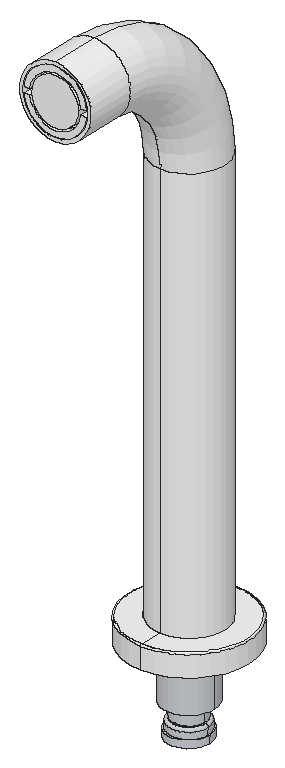
Revit family "Reece_Tap_Sussex_Scala_Curved_Wall Bath Outlet_32 mm", category Plumbing Fixtures, host Face, Revit 2018
Family settings
  Host = Face
  Round Connector Dimension = Use Diameter
  Part Type = Normal
  Cut with Voids When Loaded = No
  Shared = Yes
  Room Calculation Point = Yes
Parameters (values of type "250 mm_Chrome")
  URL = "https://www.reece.com.au/product/-225903"
  Type Comments = "Tap"
  Reece_Product_Web Page = "https://www.reece.com.au/product/-225903"
  Reece_Product_Type = "Tap"  # constant formula
  Reece_Product_Sub Brand = "Scala"  # constant formula
  Reece_Product_Number = "225903"
  Reece_Product_Mount = "Wall Mounted"
  Reece_Product_Description = "Sussex Scala 32mm Curved Wall Bath Outlet 250mm Chrome"
  WFU = 0  # constant formula
  Reece_Tap_Reach = 250 mm
  Reece_Tap_Inlet = 12 mm  # constant formula
  Reece_Tap_Clearance = 75 mm  # constant formula
  Reece_Product_Brand = "Sussex"  # constant formula
  Reece_Overall_Length = Reece_Tap_Reach + 16 mm  # 266 mm
  Reece_Overall_Diameter = 54 mm  # constant formula
  Reece_Material_Main = Reece_Brass_Chrome
  Reece_Detail_Shape = "Curved"  # constant formula
  Reece_Detail_Disclaimer = "THIS FILE IS THE PROPERTY OF THE REECE GROUP. IT MAY NOT BE REPRODUCED, REVERSE-ENGINEERED OR MODIFIED. ANY REPUBLICATION, TRANSMISSION OR DISTRIBUTION FOR THE PURPOSE OF COMMERCIALLY EXPLOITING THE FILES IS PROHIBITED."  # constant formula
  Reece_Detail_Additional = "Wall Bath Outlet"  # constant formula
  Reece_Backplate_Thickness = 5 mm  # constant formula
  Model = "Scala"
  Manufacturer = "Sussex"
  Keynote = "Product #225903, Reece_Tap_Sussex_Scala_Curved_Wall Bath Outlet_32 mm - 250 mm_Chrome"
  HWFU = 0  # constant formula
  Disclaimer = "THIS FILE IS THE PROPERTY OF THE REECE GROUP. IT MAY NOT BE REPRODUCED, REVERSE-ENGINEERED OR MODIFIED. ANY REPUBLICATION, TRANSMISSION OR DISTRIBUTION FOR THE PURPOSE OF COMMERCIALLY EXPLOITING THE FILES IS PROHIBITED."  # constant formula
  Description = "Scala 32mm Curved Wall Bath Outlet 250mm Chrome"
  Default Elevation = 1000 mm
  CWFU = 0  # constant formula
Types (11, lengths in mm): name | URL | Reece_Product_Web Page | Reece_Product_Number | Reece_Product_Description | Reece_Tap_Reach | Reece_Overall_Length | Reece_Material_Main | Keynote | Description
  160 mm_Chrome | "https://www.reece.com.au/product/-2263086" | "https://www.reece.com.au/product/-2263086" | "2263086" | "Sussex Scala 32mm Curved Wall Bath Outlet 160mm Chrome" | 160 | 176 | Reece_Brass_Chrome | "Product #2263086, Reece_Tap_Sussex_Scala_Curved_Wall Bath Outlet_32 mm - 160 mm_Chrome" | "Scala 32mm Curved Wall Bath Outlet 160mm Chrome"
  160 mm_PVD Brushed Platinum Gold | "https://www.reece.com.au/product/-2268332" | "https://www.reece.com.au/product/-2268332" | "2268332" | "Sussex Scala 32mm Curved Wall Bath Outlet 160mm LUX PVD Brushed Platinum Gold" | 160 | 176 | Reece_PVD_Brushed_Platinum Gold | "Product #2268332, Reece_Tap_Sussex_Scala_Curved_Wall Bath Outlet_32 mm - 160 mm_PVD Brushed Platinum Gold" | "Scala 32mm Curved Wall Bath Outlet 160mm LUX PVD Brushed Platinum Gold"
  250 mm_Chrome | "https://www.reece.com.au/product/-225903" | "https://www.reece.com.au/product/-225903" | "225903" | "Sussex Scala 32mm Curved Wall Bath Outlet 250mm Chrome" | 250 | 266 | Reece_Brass_Chrome | "Product #225903, Reece_Tap_Sussex_Scala_Curved_Wall Bath Outlet_32 mm - 250 mm_Chrome" | "Scala 32mm Curved Wall Bath Outlet 250mm Chrome"
  250 mm_PVD Brushed Platinum Gold | "https://www.reece.com.au/product/-2268334" | "https://www.reece.com.au/product/-2268334" | "2268334" | "Sussex Scala 32mm Curved Wall Bath Outlet 250mm LUX PVD Brushed Platinum Gold" | 250 | 266 | Reece_PVD_Brushed_Platinum Gold | "Product #2268334, Reece_Tap_Sussex_Scala_Curved_Wall Bath Outlet_32 mm - 250 mm_PVD Brushed Platinum Gold" | "Scala 32mm Curved Wall Bath Outlet 250mm LUX PVD Brushed Platinum Gold"
  200 mm_Chrome | "https://www.reece.com.au/product/-225902" | "https://www.reece.com.au/product/-225902" | "225902" | "Sussex Scala 32mm Curved Wall Bath Outlet 200mm Chrome" | 200 | 216 | Reece_Brass_Chrome | "Product #225902, Reece_Tap_Sussex_Scala_Curved_Wall Bath Outlet_32 mm - 200 mm_Chrome" | "Scala 32mm Curved Wall Bath Outlet 200mm Chrome"
  200 mm_PVD Brushed Platinum Gold | "https://www.reece.com.au/product/-2268333" | "https://www.reece.com.au/product/-2268333" | "2268333" | "Sussex Scala 32mm Curved Wall Bath Outlet 200mm LUX PVD Brushed Platinum Gold" | 200 | 216 | Reece_PVD_Brushed_Platinum Gold | "Product #2268333, Reece_Tap_Sussex_Scala_Curved_Wall Bath Outlet_32 mm - 200 mm_PVD Brushed Platinum Gold" | "Scala 32mm Curved Wall Bath Outlet 200mm LUX PVD Brushed Platinum Gold"
  160 mm_Satin Chrome | "https://www.reece.com.au/product/-2263087" | "https://www.reece.com.au/product/-2263087" | "2263087" | "Sussex Scala 32mm Curved Wall Bath Outlet 160mm Satin Chrome" | 160 | 176 | Reece_Metal_Chrome_Satin | "Product #2263087, Reece_Tap_Sussex_Scala_Curved_Wall Bath Outlet_32 mm - 160 mm_Satin Chrome" | "Scala 32mm Curved Wall Bath Outlet 160mm Satin Chrome"
  200 mm_Living Tumbled Brass | "https://www.reece.com.au/product/-2268103" | "https://www.reece.com.au/product/-2268103" | "2268103" | "Sussex Scala 32mm Curved Wall Bath Outlet 200mm Living Tumbled Brass" | 200 | 216 | Reece_Brass_Living Tumbled | "Product #2268103, Reece_Tap_Sussex_Scala_Curved_Wall Bath Outlet_32 mm - 200 mm_Living Tumbled Brass" | "Scala 32mm Curved Wall Bath Outlet 200mm Living Tumbled Brass"
  200 mm_Matte Black | "https://www.reece.com.au/product/-2220180" | "https://www.reece.com.au/product/-2220180" | "2220180" | "Sussex Scala 32mm Curved Wall Bath Outlet 200mm Matte Black" | 200 | 216 | Reece_Brass_Matte Black | "Product #2220180, Reece_Tap_Sussex_Scala_Curved_Wall Bath Outlet_32 mm - 200 mm_Matte Black" | "Scala 32mm Curved Wall Bath Outlet 200mm Matte Black"
  200 mm_Satin Chrome | "https://www.reece.com.au/product/-225904" | "https://www.reece.com.au/product/-225904" | "225904" | "Sussex Scala 32mm Curved Wall Bath Outlet 200mm Satin Chrome" | 200 | 216 | Reece_Metal_Chrome_Satin | "Product #225904, Reece_Tap_Sussex_Scala_Curved_Wall Bath Outlet_32 mm - 200 mm_Satin Chrome" | "Scala 32mm Curved Wall Bath Outlet 200mm Satin Chrome"
  250 mm_Satin Chrome | "https://www.reece.com.au/product/-225905" | "https://www.reece.com.au/product/-225905" | "225905" | "Sussex Scala 32mm Curved Wall Bath Outlet 250mm Satin Chrome" | 250 | 266 | Reece_Brass_Satin Chrome | "Product #225905, Reece_Tap_Sussex_Scala_Curved_Wall Bath Outlet_32 mm - 250 mm_Satin Chrome" | "Scala 32mm Curved Wall Bath Outlet 250mm Satin Chrome"
Reference planes
  plane 1 "Center (Front/Back)": y = 0
  plane 2: z = 0
  plane 3 "Center (Left/Right)": x = 0
  plane 4: z = 250
  plane 5: y = -75
  plane 6: z = 266
  plane 7: x = -16
  plane 8: x = 16
  plane 9: x = -27
  plane 10: x = 27
Forms (mm)
  Revolve 1, void
    sketch origin (100, 0, 0) x (1, 0, 0) y (0, 0, 1)
      loop
        line (-100, 0) -> (-100, -49.36) -> (-85, -49.36) -> (-85, 0) -> (-100, 0)
      axis (-100, 0) -> (-100, -49.36)
    angle from 0 to 360
  Revolve 2, solid
    sketch origin (128.901, 0, 1219.2) x (1, 0, 0) y (0, 0, 1)
      loop
        line (-130.291, -1261.136) -> (-128.901, -1261.136) -> (-128.901, -1219.2) -> (-140.374, -1219.2) -> (-140.374, -1242.939) -> (-136.181, -1242.939) -> (-136.181, -1249.636) -> (-135.615, -1250.202) -> (-136.415, -1250.202)
        arc (-136.415, -1250.202) -> (-137.255, -1250.55) -> (-137.603, -1251.39) r 1.188
        line (-137.603, -1251.39) -> (-137.603, -1254.152) -> (-138.403, -1254.152) -> (-138.403, -1257.398) -> (-132.464, -1257.398) -> (-130.291, -1261.136)
      axis (-128.901, -1219.2) -> (-128.901, -1261.136)
    angle from 0 to 360
Text (mm)
  text "Reece Copyright © 2018, Reece Ltd." at (-447.115, -312.314, 0), in view "Ref. Level"
  text "Reece ©" at (-7.653, 198.338, 183.77), in view "Reece Preview"
Dimensions and locks
  "Reece_Tap_Reach": plane 4 to host face
  "Reece_Overall_Length": plane 6 to plane 2
  "Reece_Tap_Clearance": plane 1 "Center (Front/Back)" to plane 5
  plane 7 to plane 8 = 32 mm
  "Reece_Overall_Diameter": plane 9 to plane 10
  aligned and locked: host face to plane 2
  aligned and locked: level to host face
  aligned and locked: plane 3 "Center (Left/Right)" to nested 1
  aligned and locked: nested 1 to plane 1 "Center (Front/Back)"
Automatic sketch dimensions
  host sketch curve to host sketch curve = 481.758 mm
  host sketch curve to host sketch curve = 479.681 mm
  Revolve 1 sketch curve to level = 0 mm
  Revolve 1 sketch curve to plane 3 "Center (Left/Right)" = 0 mm
  plane 3 "Center (Left/Right)" to Revolve 1 sketch curve = 0 mm
  Revolve 1 sketch curve to plane 8 = 1 mm
  Revolve 1 sketch curve to Revolve 1 sketch curve = 49.36 mm
  Revolve 1 sketch curve to Revolve 1 sketch curve = 14.36 mm
  Revolve 1 sketch curve to Revolve 1 sketch curve = 40 mm
  Revolve 2 sketch curve to level = 0 mm
  Revolve 2 sketch curve to plane 3 "Center (Left/Right)" = 0 mm
  plane 3 "Center (Left/Right)" to Revolve 2 sketch curve = 0 mm
  Revolve 2 sketch curve to plane 3 "Center (Left/Right)" = 1.39 mm
  Revolve 2 sketch curve to plane 3 "Center (Left/Right)" = 3.563 mm
  Revolve 2 sketch curve to plane 3 "Center (Left/Right)" = 6.714 mm
  Revolve 2 sketch curve to Revolve 2 sketch curve = 0.566 mm  (x2)
  Revolve 2 sketch curve to Revolve 2 sketch curve = 0.8 mm  (x2)
  Revolve 2 sketch curve to Revolve 2 sketch curve = 1.188 mm
  Revolve 2 sketch curve to Revolve 2 sketch curve = 4.194 mm
  Revolve 2 sketch curve to level = 23.739 mm
  Revolve 2 sketch curve to Revolve 2 sketch curve = 6.697 mm
  Revolve 2 sketch curve to Revolve 2 sketch curve = 2.762 mm
  Revolve 2 sketch curve to Revolve 2 sketch curve = 3.246 mm
  Revolve 2 sketch curve to Revolve 2 sketch curve = 3.739 mm
  Revolve 2 sketch curve to Revolve 2 sketch curve = 0.681 mm
  level to Revolve 2 sketch curve = 8.93 mm
Nested families
  nested 1: "Reece_Tap_Sussex_Scala_Curved_32 mm_Nested" at (0, 0, 0), Reece_Backplate_Thickness <- "Reece_Backplate_Thickness", Reece_Tap_Clearance <- "Reece_Tap_Clearance", Reece_Tap_Reach <- "Reece_Tap_Reach", Reece_Material_Main <- "Reece_Material_Main", type "Reece_Tap_Sussex_Scala_Curved_32 mm_Nested"
    with Reece_Tap_Reach 250 mm, Reece_Tap_Clearance 75 mm, Reece_Overall_Length 262.5 mm, Reece_Material_Main Reece_Brass_Chrome, Reece_Backplate_Thickness 5 mm
Connectors
  piping at (0, 0, -38.198), diameter 12, driven by "Reece_Tap_Inlet"
    settings: on Revolve 2, index 1, connector inside diameter 609.6 mm, connector length 0 mm, flow factor 0, pipe flow 0.0 L/s, pressure drop 0.0 Pa, fitting loss kfactor 0, connector angle 0.00°, fixture units 0, engagement length 0 mm, angle of deflection 0.00°, flow configuration 0, flow direction 1, fitting loss method 0, system type 29, joint type 0, gender type 0, connector reference index -1, connector utility 0, adjustable connector no, is connector primary yes, connector description ""
Definition of nested family "Reece_Tap_Sussex_Scala_Curved_32 mm_Nested"
  Parameters (values of type "Reece_Tap_Sussex_Scala_Curved_32 mm_Nested")
    Waste Connection = no
    WFU = 0
    Vent Connection = no
    URL = ""
    Type Comments = ""
    Reece_Tap_Reach [instance] = 200 mm
    Reece_Tap_Clearance [instance] = 67 mm
    Reece_Overall_Length [instance] = Reece_Tap_Reach + 12.5 mm  # 212.5 mm
    Reece_Material_Main [instance] = none
    Reece_Backplate_Thickness [instance] = 5 mm
    Model = ""
    Manufacturer = ""
    Keynote = ""
    HWFU = 0
    HW Connection = no
    Description = ""
    Default Elevation = 0 mm
    Cost = 0
    CWFU = 0
    CW Connection = no
    Assembly Code = ""
  Reference planes
    plane 1 "Center (Front/Back)": y = 0
    plane 2 "Bottom": z = 0
    plane 3 "Center (Left/Right)": x = 0
    plane 4: z = 200
    plane 5: y = -67
    plane 6: z = 212.5
    plane 7: x = 100
    plane 8: x = -100
    plane 9: z = 43
    plane 10: x = -73
    plane 11: x = -127
    plane 12: x = -27
    plane 13: x = 27
    plane 14: x = -12.5
    plane 15: x = 12.5
    plane 16: y = 0
    plane 17: z = 5
  Forms (mm)
    Extrusion 1, solid
      sketch origin (609.2, -664.2, 0) x (1, 0, 0) y (0, 1, 0)
        loop
          line (-797.73, 779.2) -> (-797.73, 509.547) -> (-428.415, 509.547) -> (-428.415, 779.2) -> (-797.73, 779.2)
      from 0 to -9.564
    Sweep 2, solid, material <- "Reece_Material_Main"
      path origin (0, 0, 0) x (0, 1, 0) y (0, 0, 1)
        loop
          line (0, 8.917) -> (0, 155)
          arc (0, 155) -> (-13.18, 186.82) -> (-45, 200) r 45
          line (-45, 200) -> (-67, 200)
      profile origin (0, 0, 81.959) x (0, -1, 0) y (1, 0, 0)
        loop
          circle (0, 0) r 16
        loop
          circle (0, 0) r 14.5
    Extrusion 3, solid, material <- "Reece_Material_Main"
      sketch origin (0, 0, 0) x (1, 0, 0) y (0, 0, 1)
        loop
          circle (0, 200) r 10.535
        loop
          line (-14.201, 201.337) -> (-11.513, 201.337)
          arc (-11.513, 201.337) -> (0, 211.59) -> (11.513, 201.337) r 11.59
          line (11.513, 201.337) -> (14.201, 201.337)
          arc (14.201, 201.337) -> (0, 214.264) -> (-14.201, 201.337) r 14.264
        loop
          arc (-14.201, 198.663) -> (0, 185.736) -> (14.201, 198.663) r 14.264
          line (14.201, 198.663) -> (11.513, 198.663)
          arc (11.513, 198.663) -> (0, 188.41) -> (-11.513, 198.663) r 11.59
          line (-11.513, 198.663) -> (-14.201, 198.663)
      from 64.455 to 67
    Extrusion 4, solid, material <- "Reece_Material_Main"
      sketch origin (0, 0, 0) x (1, 0, 0) y (0, 0, 1)
        loop
          circle (0, 200) r 14.5
      from 62.863 to 64.455
    Revolve 5, solid, material <- "Reece_Material_Main"
      sketch origin (0, 0, 0) x (0, 1, 0) y (0, 0, 1)
        loop
          line (0, 0) -> (0, 8.917) -> (-16.209, 8.917) -> (-16.209, 10) -> (-26.4, 10)
          arc (-26.4, 10) -> (-26.824, 9.824) -> (-27, 9.4) r 0.6
          line (-27, 9.4) -> (-27, 0) -> (0, 0)
        axis (0, 10) -> (0, 0)
      angle from 0 to 360
  Cuts and joins
    joined: Sweep 2, Extrusion 3, Extrusion 4
  Text (mm)
    text "Reece Copyright © 2018, Reece Ltd." at (-195.976, -180.714, 0), in view "Ref. Level"
    text "Reece ©" at (69.347, 211.464, 119.896), in view "Reece Preview"
  Dimensions and locks
    "Reece_Tap_Reach": plane 4 to plane 2 "Bottom"
    "Reece_Overall_Length": plane 6 to plane 2 "Bottom"
    equal spacing: plane 8, plane 3 "Center (Left/Right)", plane 7
    plane 8 to plane 7 = 200 mm
    plane 9 to plane 2 "Bottom" = 43 mm
    "Reece_Tap_Clearance": plane 1 "Center (Front/Back)" to plane 5
    plane 9 to Extrusion 1 = 43 mm
    plane 11 to plane 10 = 54 mm
    equal spacing: plane 11, plane 8, plane 10
    plane 12 to plane 13 = 54 mm
    plane 6 to plane 4 = 12.5 mm
    plane 8 to plane 3 "Center (Left/Right)" = 100 mm
    plane 3 "Center (Left/Right)" to plane 7 = 100 mm
    plane 5 to plane 1 "Center (Front/Back)" = 67 mm
    plane 1 "Center (Front/Back)" to plane 16 = 0 mm
    "Reece_Backplate_Thickness": plane 17 to plane 2 "Bottom"
    locked: cut or joined group of Sweep 2, Extrusion 3, Extrusion 4 to cut or joined group of Sweep 2, Extrusion 3, Extrusion 4 at 4.137
    aligned and locked: plane 2 "Bottom" to Extrusion 1
    aligned and locked: level to Extrusion 1
    aligned and locked: plane 1 "Center (Front/Back)" to Sweep 2 sketch curve
    aligned and locked: Sweep 2 sketch curve to plane 4
    aligned and locked: plane 5 to cut or joined group of Sweep 2, Extrusion 3, Extrusion 4  (x2)
  Automatic sketch dimensions
    Extrusion 1 sketch curve to Extrusion 1 sketch curve = 369.315 mm
    Extrusion 1 sketch curve to Extrusion 1 sketch curve = 269.653 mm
    Sweep 2 sketch curve to plane 5 = 0 mm
    Sweep 2 sketch curve to Sweep 2 sketch curve = 22 mm
    level to Sweep 2 sketch curve = 8.917 mm
    Sweep 2 sketch curve to Sweep 2 sketch curve = 0 mm  (x2)
    Sweep 2 sketch curve to plane 3 "Center (Left/Right)" = 0 mm
    Sweep 2 sketch curve to profile plane = 0 mm
    Extrusion 4 sketch curve to plane 3 "Center (Left/Right)" = 0 mm
    Extrusion 4 sketch curve to plane 4 = 0 mm
    Extrusion 3 sketch curve to Extrusion 3 sketch curve = 0 mm  (x20)
    Extrusion 3 sketch curve to plane 3 "Center (Left/Right)" = 0 mm
    Extrusion 3 sketch curve to plane 4 = 0 mm
    Extrusion 3 sketch curve to plane 14 = 0.987 mm  (x2)
    plane 14 to Extrusion 3 sketch curve = 1.701 mm  (x2)
    Extrusion 3 sketch curve to plane 15 = 0.987 mm  (x2)
    Extrusion 3 sketch curve to plane 4 = 1.337 mm
    plane 4 to Extrusion 3 sketch curve = 1.337 mm
    level to Revolve 5 sketch curve = 0 mm
    Revolve 5 sketch curve to plane 1 "Center (Front/Back)" = 0 mm  (x2)
    plane 1 "Center (Front/Back)" to Revolve 5 sketch curve = 16.209 mm
    Revolve 5 sketch curve to Revolve 5 sketch curve = 10.191 mm
    Revolve 5 sketch curve to Revolve 5 sketch curve = 0.6 mm
    Revolve 5 sketch curve to Revolve 5 sketch curve = 8.917 mm
    Revolve 5 sketch curve to Revolve 5 sketch curve = 9.4 mm
    Revolve 5 sketch curve to level = 12.434 mm
    Revolve 5 sketch curve to Revolve 5 sketch curve = 2.566 mm
    radius of Sweep 2 sketch curve = 16 mm
    radius of Sweep 2 sketch curve = 14.5 mm
    radius of Extrusion 4 sketch curve = 14.5 mm
    radius of Extrusion 3 sketch curve = 10.535 mm
